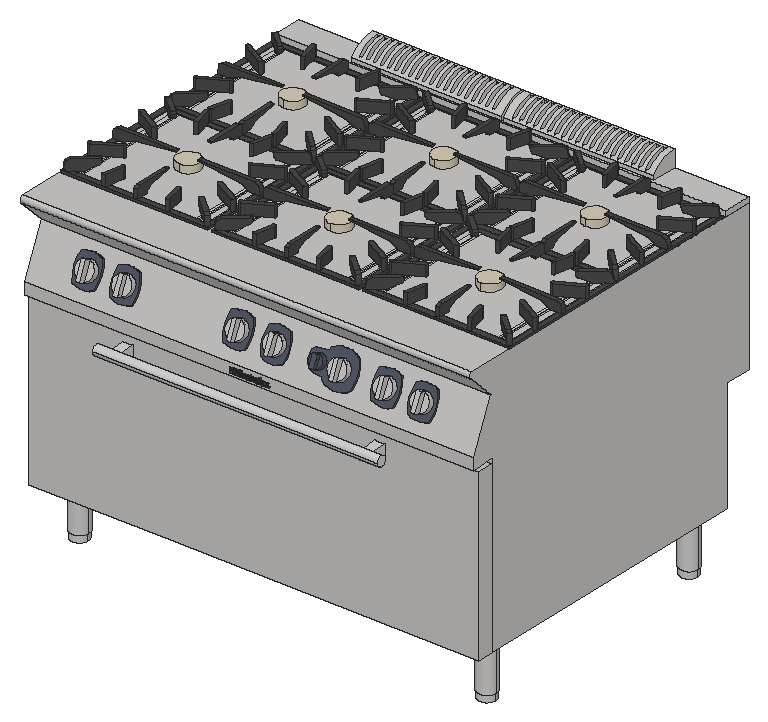
Revit family "QF_ELECTROLUXPROFESSIONAL_391016_E9GCGL6CLM", category Specialty Equipment, Revit 2018 (continued)
Automatic sketch dimensions
  Extrusion 7 sketch curve to Extrusion 7 sketch curve = 0.404 mm
  Extrusion 7 sketch curve to Extrusion 7 sketch curve = 5.898 mm
  plane 11 to Extrusion 7 sketch curve = 8.549 mm
  Extrusion 7 sketch curve to plane 11 = 30 mm
  Extrusion 7 sketch curve to plane 10 = 298.908 mm
  Extrusion 7 sketch curve to Extrusion 7 sketch curve = 3.343 mm
  Extrusion 7 sketch curve to Extrusion 7 sketch curve = 2.066 mm
  Extrusion 7 sketch curve to Extrusion 7 sketch curve = 5.312 mm
  Extrusion 7 sketch curve to Extrusion 7 sketch curve = 28.009 mm
  plane 11 to Extrusion 8 sketch curve = 22.852 mm
  Extrusion 8 sketch curve to Extrusion 8 sketch curve = 0 mm  (x2)
  Extrusion 8 sketch curve to Extrusion 8 sketch curve = 1.139 mm
  Extrusion 8 sketch curve to Extrusion 8 sketch curve = 3.102 mm
  Extrusion 8 sketch curve to Extrusion 8 sketch curve = 4.032 mm
  Extrusion 8 sketch curve to Extrusion 8 sketch curve = 0.404 mm
  Extrusion 8 sketch curve to Extrusion 8 sketch curve = 5.898 mm
  plane 11 to Extrusion 8 sketch curve = 8.549 mm
  Extrusion 8 sketch curve to plane 11 = 30 mm
  Extrusion 8 sketch curve to plane 10 = 270.899 mm
  Extrusion 8 sketch curve to Extrusion 8 sketch curve = 2.705 mm
  Extrusion 8 sketch curve to Extrusion 8 sketch curve = 5.987 mm
  Extrusion 8 sketch curve to Extrusion 8 sketch curve = 5.312 mm
  Extrusion 8 sketch curve to Extrusion 8 sketch curve = 28.009 mm
  plane 11 to Extrusion 9 sketch curve = 19.749 mm
  Extrusion 9 sketch curve to plane 10 = 279.591 mm
  Extrusion 10 sketch curve to plane 18 = 228.904 mm
  Extrusion 10 sketch curve to Extrusion 10 sketch curve = 0 mm
  Extrusion 10 sketch curve to Extrusion 10 sketch curve = 12.3 mm  (x3)
  Extrusion 10 sketch curve to Extrusion 10 sketch curve = 34.925 mm  (x2)
  Extrusion 10 sketch curve to Extrusion 10 sketch curve = 46.691 mm
  Extrusion 10 sketch curve to Extrusion 10 sketch curve = 0.617 mm
  Extrusion 10 sketch curve to Extrusion 10 sketch curve = 28.57 mm
  Extrusion 10 sketch curve to Extrusion 10 sketch curve = 29.185 mm
  Extrusion 12 sketch curve to Extrusion 12 sketch curve = 24.732 mm
  Extrusion 12 sketch curve to Extrusion 12 sketch curve = 0 mm
  Extrusion 13 sketch curve to Extrusion 13 sketch curve = 0 mm  (x2)
  plane 7 "Center Y" to Extrusion 13 sketch curve = 190.859 mm
  Extrusion 13 sketch curve to Extrusion 13 sketch curve = 112.63 mm
  Extrusion 13 sketch curve to Extrusion 13 sketch curve = 1.398 mm
  Extrusion 13 sketch curve to Extrusion 13 sketch curve = 5.918 mm
  Extrusion 13 sketch curve to Extrusion 13 sketch curve = 7.825 mm
  Extrusion 13 sketch curve to Extrusion 13 sketch curve = 12.433 mm
  Extrusion 13 sketch curve to Extrusion 13 sketch curve = 33.329 mm
  Extrusion 13 sketch curve to Extrusion 13 sketch curve = 28.808 mm
  Extrusion 13 sketch curve to Extrusion 13 sketch curve = 2.986 mm
  Extrusion 13 sketch curve to Extrusion 13 sketch curve = 35.441 mm
  Extrusion 13 sketch curve to Extrusion 13 sketch curve = 23.969 mm
  Extrusion 13 sketch curve to Extrusion 13 sketch curve = 31.993 mm
  Extrusion 13 sketch curve to Extrusion 13 sketch curve = 0.131 mm
  Extrusion 13 sketch curve to Extrusion 13 sketch curve = 36.738 mm
  Extrusion 13 sketch curve to Extrusion 13 sketch curve = 6.105 mm
  Extrusion 13 sketch curve to Extrusion 13 sketch curve = 30.968 mm
  Extrusion 13 sketch curve to Extrusion 13 sketch curve = 0.002 mm
  Extrusion 13 sketch curve to Extrusion 13 sketch curve = 38.412 mm
  Extrusion 13 sketch curve to Extrusion 13 sketch curve = 39.831 mm
  Extrusion 13 sketch curve to Extrusion 13 sketch curve = 6.427 mm
  Extrusion 13 sketch curve to Extrusion 13 sketch curve = 11.842 mm
  Extrusion 15 sketch curve to Extrusion 15 sketch curve = 24.732 mm
  Extrusion 15 sketch curve to Extrusion 15 sketch curve = 0 mm
  Extrusion 17 sketch curve to Extrusion 17 sketch curve = 0 mm
  Extrusion 17 sketch curve to Extrusion 17 sketch curve = 7.232 mm  (x3)
  Extrusion 17 sketch curve to Extrusion 17 sketch curve = 17.5 mm
  Extrusion 17 sketch curve to Extrusion 17 sketch curve = 5.786 mm
  Extrusion 18 sketch curve to plane 17 = 61.596 mm
  Extrusion 18 sketch curve to Extrusion 18 sketch curve = 0 mm
  Extrusion 18 sketch curve to Extrusion 18 sketch curve = 12.3 mm  (x3)
  Extrusion 18 sketch curve to Extrusion 18 sketch curve = 34.925 mm  (x2)
  Extrusion 18 sketch curve to plane 17 = 35.869 mm
  Extrusion 18 sketch curve to Extrusion 18 sketch curve = 46.691 mm
  Extrusion 18 sketch curve to Extrusion 18 sketch curve = 26.344 mm
  Extrusion 18 sketch curve to Extrusion 18 sketch curve = 28.57 mm
  Extrusion 20 sketch curve to Extrusion 20 sketch curve = 24.732 mm
  Extrusion 20 sketch curve to Extrusion 20 sketch curve = 0 mm
  Extrusion 21 sketch curve to plane 17 = 161.596 mm
  Extrusion 21 sketch curve to Extrusion 21 sketch curve = 0 mm
  Extrusion 21 sketch curve to Extrusion 21 sketch curve = 12.3 mm  (x3)
  Extrusion 21 sketch curve to Extrusion 21 sketch curve = 34.925 mm  (x2)
  Extrusion 21 sketch curve to Extrusion 21 sketch curve = 46.691 mm
  Extrusion 21 sketch curve to Extrusion 21 sketch curve = 0.617 mm
  Extrusion 21 sketch curve to Extrusion 21 sketch curve = 28.57 mm
  Extrusion 21 sketch curve to Extrusion 21 sketch curve = 29.185 mm
  Extrusion 23 sketch curve to Extrusion 23 sketch curve = 24.732 mm
  Extrusion 23 sketch curve to Extrusion 23 sketch curve = 0 mm
  Extrusion 24 sketch curve to plane 1 "BACK" = 0 mm
  Extrusion 24 sketch curve to plane 6 "TOP" = 0 mm
  plane 1 "BACK" to Extrusion 24 sketch curve = 1.769 mm
  plane 10 to Extrusion 24 sketch curve = 23.813 mm
  plane 1 "BACK" to Extrusion 24 sketch curve = 69.85 mm
  plane 10 to Extrusion 24 sketch curve = 14.288 mm
  Extrusion 25 sketch curve to plane 18 = 131.404 mm
  Extrusion 25 sketch curve to Extrusion 25 sketch curve = 0 mm
  Extrusion 25 sketch curve to Extrusion 25 sketch curve = 12.3 mm  (x3)
  Extrusion 25 sketch curve to Extrusion 25 sketch curve = 34.925 mm  (x2)
  Extrusion 25 sketch curve to Extrusion 25 sketch curve = 46.691 mm
  Extrusion 25 sketch curve to Extrusion 25 sketch curve = 0.617 mm
  Extrusion 25 sketch curve to Extrusion 25 sketch curve = 28.57 mm
  Extrusion 25 sketch curve to Extrusion 25 sketch curve = 29.185 mm
  Extrusion 27 sketch curve to Extrusion 27 sketch curve = 24.732 mm
  Extrusion 27 sketch curve to Extrusion 27 sketch curve = 0 mm
  Extrusion 28 sketch curve to plane 7 "Center Y" = 79.904 mm
  Extrusion 28 sketch curve to plane 7 "Center Y" = 21.528 mm
  Extrusion 28 sketch curve to Extrusion 28 sketch curve = 0 mm
  Extrusion 28 sketch curve to Extrusion 28 sketch curve = 12.3 mm  (x3)
  plane 7 "Center Y" to Extrusion 28 sketch curve = 3.586 mm
  Extrusion 28 sketch curve to Extrusion 28 sketch curve = 34.925 mm  (x2)
  Extrusion 28 sketch curve to Extrusion 28 sketch curve = 46.691 mm
  Extrusion 28 sketch curve to plane 7 "Center Y" = 22.141 mm
  Extrusion 30 sketch curve to Extrusion 30 sketch curve = 24.732 mm
  Extrusion 30 sketch curve to Extrusion 30 sketch curve = 0 mm
  plane 7 "Center Y" to Extrusion 31 sketch curve = 20.096 mm
  Extrusion 31 sketch curve to Extrusion 31 sketch curve = 0 mm
  Extrusion 31 sketch curve to Extrusion 31 sketch curve = 12.3 mm  (x3)
  Extrusion 31 sketch curve to Extrusion 31 sketch curve = 34.925 mm  (x2)
  Extrusion 31 sketch curve to plane 7 "Center Y" = 5.631 mm
  Extrusion 31 sketch curve to Extrusion 31 sketch curve = 46.691 mm
  plane 7 "Center Y" to Extrusion 31 sketch curve = 20.714 mm
  Extrusion 31 sketch curve to Extrusion 31 sketch curve = 25.114 mm
  Extrusion 33 sketch curve to Extrusion 33 sketch curve = 24.732 mm
  Extrusion 33 sketch curve to Extrusion 33 sketch curve = 0 mm
  plane 7 "Center Y" to Extrusion 34 sketch curve = 21.292 mm
  Extrusion 34 sketch curve to plane 10 = 237.967 mm
  Extrusion 34 sketch curve to plane 7 "Center Y" = 13.807 mm
  Extrusion 34 sketch curve to Extrusion 34 sketch curve = 5.041 mm
  plane 7 "Center Y" to Extrusion 34 sketch curve = 5.969 mm
  Extrusion 34 sketch curve to Extrusion 34 sketch curve = 5.06 mm
  Extrusion 34 sketch curve to Extrusion 34 sketch curve = 0 mm  (x27)
  Extrusion 34 sketch curve to Extrusion 34 sketch curve = 5.108 mm  (x2)
  Extrusion 34 sketch curve to Extrusion 34 sketch curve = 0.054 mm
  Extrusion 34 sketch curve to Extrusion 34 sketch curve = 0.218 mm
  Extrusion 34 sketch curve to Extrusion 34 sketch curve = 0.195 mm
  Extrusion 34 sketch curve to Extrusion 34 sketch curve = 0.249 mm
  Extrusion 34 sketch curve to Extrusion 34 sketch curve = 0.316 mm
  Extrusion 34 sketch curve to Extrusion 34 sketch curve = 0.087 mm
  Extrusion 34 sketch curve to Extrusion 34 sketch curve = 0.358 mm
  Extrusion 34 sketch curve to Extrusion 34 sketch curve = 0.481 mm
  Extrusion 34 sketch curve to Extrusion 34 sketch curve = 0.597 mm
  Extrusion 34 sketch curve to Extrusion 34 sketch curve = 0.544 mm
  Extrusion 34 sketch curve to Extrusion 34 sketch curve = 0.936 mm
  Extrusion 34 sketch curve to Extrusion 34 sketch curve = 0.594 mm
  Extrusion 34 sketch curve to Extrusion 34 sketch curve = 0.343 mm
  Extrusion 34 sketch curve to Extrusion 34 sketch curve = 0.159 mm
  Extrusion 34 sketch curve to Extrusion 34 sketch curve = 0.826 mm
  Extrusion 34 sketch curve to Extrusion 34 sketch curve = 0.839 mm
  Extrusion 34 sketch curve to Extrusion 34 sketch curve = 0.852 mm
  Extrusion 34 sketch curve to Extrusion 34 sketch curve = 0.887 mm
  Extrusion 34 sketch curve to Extrusion 34 sketch curve = 0.928 mm
  Extrusion 34 sketch curve to Extrusion 34 sketch curve = 0.938 mm
  Extrusion 34 sketch curve to Extrusion 34 sketch curve = 0.444 mm
  Extrusion 34 sketch curve to Extrusion 34 sketch curve = 1.11 mm  (x3)
  plane 7 "Center Y" to Extrusion 34 sketch curve = 43.726 mm
  Extrusion 34 sketch curve to Extrusion 34 sketch curve = 0.215 mm
  plane 7 "Center Y" to Extrusion 34 sketch curve = 0.332 mm
  Extrusion 34 sketch curve to Extrusion 34 sketch curve = 1.43 mm
  Extrusion 34 sketch curve to Extrusion 34 sketch curve = 1.188 mm
  Extrusion 34 sketch curve to Extrusion 34 sketch curve = 1.21 mm  (x2)
  Extrusion 34 sketch curve to Extrusion 34 sketch curve = 0.503 mm
  plane 7 "Center Y" to Extrusion 34 sketch curve = 48.995 mm
  Extrusion 34 sketch curve to Extrusion 34 sketch curve = 0.488 mm
  plane 7 "Center Y" to Extrusion 34 sketch curve = 52.922 mm
  Extrusion 34 sketch curve to Extrusion 34 sketch curve = 0.462 mm
  Extrusion 34 sketch curve to Extrusion 34 sketch curve = 1.386 mm
  Extrusion 34 sketch curve to Extrusion 34 sketch curve = 1.742 mm
  Extrusion 34 sketch curve to Extrusion 34 sketch curve = 0.821 mm
  Extrusion 34 sketch curve to Extrusion 34 sketch curve = 0.497 mm
  Extrusion 34 sketch curve to Extrusion 34 sketch curve = 0.539 mm
  Extrusion 34 sketch curve to Extrusion 34 sketch curve = 0.686 mm
  Extrusion 34 sketch curve to plane 7 "Center Y" = 0.042 mm
  Extrusion 34 sketch curve to Extrusion 34 sketch curve = 0.408 mm
  Extrusion 34 sketch curve to Extrusion 34 sketch curve = 0.743 mm
  Extrusion 34 sketch curve to Extrusion 34 sketch curve = 1.16 mm
  Extrusion 34 sketch curve to Extrusion 34 sketch curve = 0.329 mm
  Extrusion 34 sketch curve to Extrusion 34 sketch curve = 1.054 mm
  Extrusion 34 sketch curve to Extrusion 34 sketch curve = 1.056 mm
  Extrusion 34 sketch curve to Extrusion 34 sketch curve = 0.129 mm
  Extrusion 34 sketch curve to Extrusion 34 sketch curve = 0.489 mm
  Extrusion 34 sketch curve to plane 7 "Center Y" = 0.376 mm
  Extrusion 34 sketch curve to Extrusion 34 sketch curve = 0.441 mm
  Extrusion 34 sketch curve to Extrusion 34 sketch curve = 1.151 mm
  Extrusion 34 sketch curve to Extrusion 34 sketch curve = 1.141 mm  (x2)
  Extrusion 34 sketch curve to Extrusion 34 sketch curve = 0.768 mm
  Extrusion 34 sketch curve to Extrusion 34 sketch curve = 1.653 mm
  Extrusion 34 sketch curve to Extrusion 34 sketch curve = 0.499 mm
  Extrusion 34 sketch curve to Extrusion 34 sketch curve = 0.964 mm
  Extrusion 34 sketch curve to Extrusion 34 sketch curve = 0.949 mm
  Extrusion 34 sketch curve to Extrusion 34 sketch curve = 1.345 mm  (x3)
  Extrusion 34 sketch curve to Extrusion 34 sketch curve = 1.101 mm
  Extrusion 34 sketch curve to Extrusion 34 sketch curve = 0.432 mm
  Extrusion 34 sketch curve to Extrusion 34 sketch curve = 1.142 mm
  Extrusion 34 sketch curve to Extrusion 34 sketch curve = 0.959 mm
  Extrusion 34 sketch curve to Extrusion 34 sketch curve = 0.176 mm
  Extrusion 34 sketch curve to Extrusion 34 sketch curve = 0.728 mm
  Extrusion 34 sketch curve to Extrusion 34 sketch curve = 3.375 mm  (x2)
  Extrusion 34 sketch curve to Extrusion 34 sketch curve = 0.541 mm
  Extrusion 34 sketch curve to Extrusion 34 sketch curve = 0.955 mm
  Extrusion 34 sketch curve to Extrusion 34 sketch curve = 1.251 mm
  Extrusion 34 sketch curve to Extrusion 34 sketch curve = 0.572 mm
  plane 7 "Center Y" to Extrusion 34 sketch curve = 47.619 mm
  Extrusion 34 sketch curve to Extrusion 34 sketch curve = 1.92 mm
  Extrusion 34 sketch curve to Extrusion 34 sketch curve = 1.224 mm
  Extrusion 34 sketch curve to Extrusion 34 sketch curve = 0.745 mm
  Extrusion 34 sketch curve to Extrusion 34 sketch curve = 0.036 mm
  Extrusion 34 sketch curve to Extrusion 34 sketch curve = 0.896 mm  (x3)
  Extrusion 34 sketch curve to Extrusion 34 sketch curve = 2.607 mm
  Extrusion 34 sketch curve to Extrusion 34 sketch curve = 0.066 mm
  Extrusion 34 sketch curve to Extrusion 34 sketch curve = 0.248 mm
  Extrusion 34 sketch curve to Extrusion 34 sketch curve = 0.449 mm
  plane 7 "Center Y" to Extrusion 34 sketch curve = 46.838 mm
  Extrusion 34 sketch curve to Extrusion 34 sketch curve = 1.052 mm
  Extrusion 34 sketch curve to Extrusion 34 sketch curve = 1.863 mm
  Extrusion 34 sketch curve to Extrusion 34 sketch curve = 1.31 mm  (x2)
  Extrusion 34 sketch curve to Extrusion 34 sketch curve = 0.901 mm
  Extrusion 34 sketch curve to Extrusion 34 sketch curve = 1.107 mm
  Extrusion 34 sketch curve to Extrusion 34 sketch curve = 2.122 mm
  Extrusion 34 sketch curve to Extrusion 34 sketch curve = 2.101 mm
  Extrusion 34 sketch curve to Extrusion 34 sketch curve = 0.106 mm
  Extrusion 34 sketch curve to Extrusion 34 sketch curve = 0.029 mm
  plane 7 "Center Y" to Extrusion 34 sketch curve = 49.641 mm
  Extrusion 34 sketch curve to Extrusion 34 sketch curve = 2.09 mm
  Extrusion 34 sketch curve to Extrusion 34 sketch curve = 1.279 mm
  Extrusion 34 sketch curve to Extrusion 34 sketch curve = 2.008 mm
  Extrusion 34 sketch curve to Extrusion 34 sketch curve = 0.738 mm
  Extrusion 34 sketch curve to Extrusion 34 sketch curve = 0.382 mm
  Extrusion 34 sketch curve to Extrusion 34 sketch curve = 0.384 mm
  Extrusion 34 sketch curve to Extrusion 34 sketch curve = 0.002 mm
  Extrusion 34 sketch curve to Extrusion 34 sketch curve = 0.561 mm
  Extrusion 34 sketch curve to Extrusion 34 sketch curve = 0.592 mm
  Extrusion 34 sketch curve to Extrusion 34 sketch curve = 2.692 mm
  Extrusion 34 sketch curve to Extrusion 34 sketch curve = 1.259 mm
  plane 7 "Center Y" to Extrusion 34 sketch curve = 48.858 mm
  Extrusion 34 sketch curve to Extrusion 34 sketch curve = 0.802 mm
  Extrusion 34 sketch curve to Extrusion 34 sketch curve = 1.024 mm
  Extrusion 34 sketch curve to Extrusion 34 sketch curve = 0.682 mm
  Extrusion 34 sketch curve to Extrusion 34 sketch curve = 5.934 mm
  Extrusion 34 sketch curve to Extrusion 34 sketch curve = 2.186 mm
  Extrusion 34 sketch curve to Extrusion 34 sketch curve = 0.337 mm
  Extrusion 34 sketch curve to Extrusion 34 sketch curve = 0.021 mm
  Extrusion 34 sketch curve to Extrusion 34 sketch curve = 1.005 mm
  Extrusion 34 sketch curve to Extrusion 34 sketch curve = 0.552 mm
  Extrusion 34 sketch curve to Extrusion 34 sketch curve = 0.778 mm
  Extrusion 34 sketch curve to Extrusion 34 sketch curve = 0.063 mm
  Extrusion 34 sketch curve to Extrusion 34 sketch curve = 1.023 mm
  Extrusion 34 sketch curve to Extrusion 34 sketch curve = 3.804 mm
  Extrusion 34 sketch curve to Extrusion 34 sketch curve = 0.486 mm
  Extrusion 34 sketch curve to Extrusion 34 sketch curve = 0.266 mm
  Extrusion 34 sketch curve to plane 7 "Center Y" = 0.787 mm
  Extrusion 34 sketch curve to Extrusion 34 sketch curve = 1.547 mm
  Extrusion 34 sketch curve to Extrusion 34 sketch curve = 0.717 mm  (x2)
  Extrusion 34 sketch curve to Extrusion 34 sketch curve = 1.667 mm
  plane 7 "Center Y" to Extrusion 34 sketch curve = 44.532 mm
  Extrusion 34 sketch curve to Extrusion 34 sketch curve = 3.174 mm
  plane 7 "Center Y" to Extrusion 34 sketch curve = 0.368 mm
  Extrusion 34 sketch curve to Extrusion 34 sketch curve = 0.388 mm
  Extrusion 34 sketch curve to Extrusion 34 sketch curve = 1.342 mm
  plane 7 "Center Y" to Extrusion 34 sketch curve = 50.135 mm
  Extrusion 34 sketch curve to Extrusion 34 sketch curve = 1.521 mm
  plane 7 "Center Y" to Extrusion 34 sketch curve = 51.694 mm
  Extrusion 34 sketch curve to Extrusion 34 sketch curve = 0.124 mm
  Extrusion 34 sketch curve to Extrusion 34 sketch curve = 0.291 mm
  plane 7 "Center Y" to Extrusion 34 sketch curve = 7.285 mm
  Extrusion 34 sketch curve to Extrusion 34 sketch curve = 1.049 mm  (x2)
  plane 7 "Center Y" to Extrusion 34 sketch curve = 47.668 mm
  Extrusion 34 sketch curve to Extrusion 34 sketch curve = 1.7 mm
  Extrusion 34 sketch curve to Extrusion 34 sketch curve = 0.894 mm
  Extrusion 34 sketch curve to Extrusion 34 sketch curve = 0.989 mm
  Extrusion 34 sketch curve to Extrusion 34 sketch curve = 1.168 mm
  Extrusion 34 sketch curve to Extrusion 34 sketch curve = 1.594 mm
  Extrusion 34 sketch curve to Extrusion 34 sketch curve = 0.731 mm
  Extrusion 34 sketch curve to Extrusion 34 sketch curve = 1.566 mm
  Extrusion 34 sketch curve to Extrusion 34 sketch curve = 0.064 mm
  plane 7 "Center Y" to Extrusion 34 sketch curve = 7.842 mm
  Extrusion 34 sketch curve to Extrusion 34 sketch curve = 0.556 mm
  Extrusion 34 sketch curve to Extrusion 34 sketch curve = 0.48 mm
  Extrusion 34 sketch curve to Extrusion 34 sketch curve = 0.228 mm
  Extrusion 34 sketch curve to Extrusion 34 sketch curve = 1.018 mm
  plane 7 "Center Y" to Extrusion 34 sketch curve = 37.429 mm
  Extrusion 34 sketch curve to Extrusion 34 sketch curve = 0.787 mm
  Extrusion 34 sketch curve to Extrusion 34 sketch curve = 0.618 mm
  plane 7 "Center Y" to Extrusion 34 sketch curve = 42.486 mm
  Extrusion 34 sketch curve to Extrusion 34 sketch curve = 1.672 mm
  plane 7 "Center Y" to Extrusion 34 sketch curve = 53.436 mm
  Extrusion 34 sketch curve to Extrusion 34 sketch curve = 1.361 mm
  Extrusion 34 sketch curve to Extrusion 34 sketch curve = 0.822 mm
  Extrusion 34 sketch curve to Extrusion 34 sketch curve = 0.069 mm
  Extrusion 34 sketch curve to Extrusion 34 sketch curve = 1.88 mm
  plane 7 "Center Y" to Extrusion 34 sketch curve = 35.269 mm
  Extrusion 34 sketch curve to Extrusion 34 sketch curve = 0.42 mm
  Extrusion 34 sketch curve to Extrusion 34 sketch curve = 0.062 mm
  Extrusion 34 sketch curve to Extrusion 34 sketch curve = 1.355 mm
  Extrusion 34 sketch curve to Extrusion 34 sketch curve = 2.34 mm
  Extrusion 34 sketch curve to Extrusion 34 sketch curve = 0.493 mm
  Extrusion 34 sketch curve to Extrusion 34 sketch curve = 0.136 mm
  Extrusion 34 sketch curve to Extrusion 34 sketch curve = 0.128 mm
  Extrusion 34 sketch curve to Extrusion 34 sketch curve = 3.616 mm
  Extrusion 34 sketch curve to Extrusion 34 sketch curve = 4.207 mm
  Extrusion 34 sketch curve to Extrusion 34 sketch curve = 0.183 mm
  Extrusion 34 sketch curve to Extrusion 34 sketch curve = 0.895 mm
  Extrusion 34 sketch curve to Extrusion 34 sketch curve = 1.314 mm
  Extrusion 34 sketch curve to Extrusion 34 sketch curve = 3.231 mm
  Extrusion 34 sketch curve to plane 7 "Center Y" = 23.526 mm
  Extrusion 34 sketch curve to Extrusion 34 sketch curve = 1.299 mm
  Extrusion 34 sketch curve to Extrusion 34 sketch curve = 1.214 mm
  plane 7 "Center Y" to Extrusion 34 sketch curve = 26.369 mm
  Extrusion 34 sketch curve to Extrusion 34 sketch curve = 1.264 mm
  Extrusion 34 sketch curve to Extrusion 34 sketch curve = 0.109 mm
  Extrusion 34 sketch curve to Extrusion 34 sketch curve = 0.357 mm
  Extrusion 34 sketch curve to Extrusion 34 sketch curve = 0.565 mm
  Extrusion 34 sketch curve to Extrusion 34 sketch curve = 2.504 mm
  Extrusion 34 sketch curve to Extrusion 34 sketch curve = 2.459 mm
  Extrusion 34 sketch curve to Extrusion 34 sketch curve = 0.983 mm
  Extrusion 34 sketch curve to Extrusion 34 sketch curve = 0.422 mm  (x2)
  Extrusion 34 sketch curve to Extrusion 34 sketch curve = 1.268 mm
  Extrusion 34 sketch curve to Extrusion 34 sketch curve = 0.671 mm
  Extrusion 34 sketch curve to Extrusion 34 sketch curve = 1.634 mm
  Extrusion 34 sketch curve to Extrusion 34 sketch curve = 0.132 mm
  Extrusion 34 sketch curve to Extrusion 34 sketch curve = 0.586 mm
  Extrusion 34 sketch curve to Extrusion 34 sketch curve = 1.241 mm
  Extrusion 34 sketch curve to Extrusion 34 sketch curve = 1.689 mm
  Extrusion 34 sketch curve to Extrusion 34 sketch curve = 0.627 mm
  Extrusion 34 sketch curve to Extrusion 34 sketch curve = 0.419 mm
  Extrusion 34 sketch curve to Extrusion 34 sketch curve = 1.514 mm
  Extrusion 34 sketch curve to Extrusion 34 sketch curve = 1.019 mm
  Extrusion 34 sketch curve to Extrusion 34 sketch curve = 0.065 mm
  Extrusion 34 sketch curve to Extrusion 34 sketch curve = 1.215 mm
  Extrusion 34 sketch curve to Extrusion 34 sketch curve = 1.122 mm
  Extrusion 34 sketch curve to Extrusion 34 sketch curve = 1.153 mm
  Extrusion 34 sketch curve to Extrusion 34 sketch curve = 1.223 mm
  Extrusion 34 sketch curve to Extrusion 34 sketch curve = 0.934 mm
  Extrusion 34 sketch curve to Extrusion 34 sketch curve = 3.376 mm
  Extrusion 34 sketch curve to Extrusion 34 sketch curve = 0.222 mm
  Extrusion 34 sketch curve to Extrusion 34 sketch curve = 1.383 mm
  Extrusion 34 sketch curve to Extrusion 34 sketch curve = 1.556 mm
  Extrusion 34 sketch curve to Extrusion 34 sketch curve = 2.559 mm
  Extrusion 34 sketch curve to Extrusion 34 sketch curve = 2.51 mm
  Extrusion 34 sketch curve to Extrusion 34 sketch curve = 0.131 mm
  Extrusion 34 sketch curve to Extrusion 34 sketch curve = 1.134 mm
  Extrusion 34 sketch curve to Extrusion 34 sketch curve = 0.094 mm
  Extrusion 34 sketch curve to Extrusion 34 sketch curve = 1.584 mm
  Extrusion 34 sketch curve to Extrusion 34 sketch curve = 0.27 mm
  Extrusion 34 sketch curve to Extrusion 34 sketch curve = 0.916 mm
  Extrusion 34 sketch curve to Extrusion 34 sketch curve = 0.352 mm
  Extrusion 34 sketch curve to Extrusion 34 sketch curve = 0.458 mm
  Extrusion 34 sketch curve to Extrusion 34 sketch curve = 1.282 mm
  Extrusion 34 sketch curve to Extrusion 34 sketch curve = 1.363 mm
  Extrusion 34 sketch curve to Extrusion 34 sketch curve = 0.685 mm
  Extrusion 34 sketch curve to Extrusion 34 sketch curve = 0.905 mm
  Extrusion 34 sketch curve to Extrusion 34 sketch curve = 1.477 mm
  Extrusion 34 sketch curve to Extrusion 34 sketch curve = 0.472 mm
  Extrusion 34 sketch curve to Extrusion 34 sketch curve = 0.101 mm
  Extrusion 34 sketch curve to Extrusion 34 sketch curve = 0.54 mm
  Extrusion 34 sketch curve to Extrusion 34 sketch curve = 0.02 mm
  Extrusion 34 sketch curve to Extrusion 34 sketch curve = 0.829 mm
  Extrusion 34 sketch curve to Extrusion 34 sketch curve = 0.582 mm
  Extrusion 34 sketch curve to Extrusion 34 sketch curve = 0.166 mm
  Extrusion 34 sketch curve to Extrusion 34 sketch curve = 0.16 mm
  Extrusion 34 sketch curve to Extrusion 34 sketch curve = 1.118 mm
  Extrusion 34 sketch curve to Extrusion 34 sketch curve = 0.613 mm
  Extrusion 34 sketch curve to Extrusion 34 sketch curve = 0.781 mm
  Extrusion 34 sketch curve to Extrusion 34 sketch curve = 0.361 mm
  Extrusion 34 sketch curve to Extrusion 34 sketch curve = 0.897 mm
  Extrusion 34 sketch curve to Extrusion 34 sketch curve = 0.167 mm
  Extrusion 34 sketch curve to Extrusion 34 sketch curve = 0.292 mm
  Extrusion 34 sketch curve to Extrusion 34 sketch curve = 0.305 mm
  Extrusion 34 sketch curve to Extrusion 34 sketch curve = 1.557 mm
  Extrusion 34 sketch curve to Extrusion 34 sketch curve = 2.499 mm
  Extrusion 34 sketch curve to Extrusion 34 sketch curve = 3.062 mm
  Extrusion 34 sketch curve to Extrusion 34 sketch curve = 2.968 mm
  Extrusion 34 sketch curve to Extrusion 34 sketch curve = 5.044 mm
  Extrusion 34 sketch curve to Extrusion 34 sketch curve = 0.629 mm  (x2)
  Extrusion 34 sketch curve to Extrusion 34 sketch curve = 1.131 mm
  Extrusion 34 sketch curve to Extrusion 34 sketch curve = 0.137 mm
  Extrusion 34 sketch curve to Extrusion 34 sketch curve = 0.027 mm
  Extrusion 34 sketch curve to Extrusion 34 sketch curve = 2.046 mm
  Extrusion 34 sketch curve to Extrusion 34 sketch curve = 2.235 mm
  Revolve 35 sketch curve to plane 9 "Base" = 0 mm  (x2)
  Revolve 35 sketch curve to level = 0 mm
  Revolve 35 sketch curve to plane 18 = 0 mm  (x2)
  Revolve 35 sketch curve to Revolve 35 sketch curve = 22.9 mm
  Revolve 35 sketch curve to Revolve 35 sketch curve = 2.5 mm
  plane 9 "Base" to Revolve 35 sketch curve = 20 mm
  level to Revolve 35 sketch curve = 19.05 mm
  Revolve 36 sketch curve to plane 9 "Base" = 0 mm  (x2)
  Revolve 36 sketch curve to level = 0 mm
  Revolve 36 sketch curve to plane 18 = 0 mm  (x2)
  Revolve 36 sketch curve to Revolve 36 sketch curve = 22.9 mm
  Revolve 36 sketch curve to Revolve 36 sketch curve = 2.5 mm
  plane 9 "Base" to Revolve 36 sketch curve = 20 mm
  level to Revolve 36 sketch curve = 19.05 mm
  Extrusion 37 sketch curve to Extrusion 1 = 43 mm
  Extrusion 37 sketch curve to Extrusion 1 = 276.222 mm
  plane 1 "BACK" to Extrusion 38 sketch curve = 63.911 mm  (x2)
  Extrusion 38 sketch curve to plane 18 = 156.447 mm
  Extrusion 38 sketch curve to Extrusion 38 sketch curve = 9.296 mm  (x20)
  Extrusion 38 sketch curve to Extrusion 38 sketch curve = 9.397 mm  (x19)
  Extrusion 38 sketch curve to Extrusion 38 sketch curve = 0 mm  (x18)
  plane 1 "BACK" to Extrusion 38 sketch curve = 6.761 mm  (x20)
  Revolve 39 sketch curve to plane 9 "Base" = 0 mm  (x2)
  Revolve 39 sketch curve to level = 0 mm
  plane 17 to Revolve 39 sketch curve = 0 mm  (x2)
  plane 17 to Revolve 39 sketch curve = 22.9 mm
  Revolve 39 sketch curve to Revolve 39 sketch curve = 2.5 mm
  level to Revolve 39 sketch curve = 19.05 mm
  plane 9 "Base" to Revolve 39 sketch curve = 20 mm
  Revolve 40 sketch curve to plane 9 "Base" = 0 mm  (x2)
  Revolve 40 sketch curve to level = 0 mm
  plane 17 to Revolve 40 sketch curve = 0 mm  (x2)
  plane 17 to Revolve 40 sketch curve = 22.9 mm
  Revolve 40 sketch curve to Revolve 40 sketch curve = 2.5 mm
  level to Revolve 40 sketch curve = 19.05 mm
  plane 9 "Base" to Revolve 40 sketch curve = 20 mm
  Extrusion 41 sketch curve to plane 1 "BACK" = 0 mm
  Extrusion 41 sketch curve to plane 6 "TOP" = 0 mm
  plane 1 "BACK" to Extrusion 41 sketch curve = 1.769 mm
  plane 10 to Extrusion 41 sketch curve = 23.813 mm
  plane 1 "BACK" to Extrusion 41 sketch curve = 69.85 mm
  plane 10 to Extrusion 41 sketch curve = 14.288 mm
  plane 1 "BACK" to Extrusion 42 sketch curve = 63.911 mm  (x2)
  Extrusion 42 sketch curve to plane 17 = 156.447 mm
  Extrusion 42 sketch curve to Extrusion 42 sketch curve = 9.296 mm  (x20)
  Extrusion 42 sketch curve to Extrusion 42 sketch curve = 9.397 mm  (x19)
  Extrusion 42 sketch curve to Extrusion 42 sketch curve = 0 mm  (x18)
  plane 1 "BACK" to Extrusion 42 sketch curve = 6.761 mm  (x20)
  radius of Extrusion 4 sketch curve = 6.4 mm
  radius of Extrusion 9 sketch curve = 12.7 mm
  radius of Extrusion 11 sketch curve = 25.4 mm
  radius of Extrusion 12 sketch curve to Extrusion 11 = 0 mm  (x2)
  radius of Extrusion 14 sketch curve = 25.4 mm
  radius of Extrusion 15 sketch curve to Extrusion 14 = 0 mm  (x2)
  radius of Extrusion 16 sketch curve = 18.37 mm
  radius of Extrusion 19 sketch curve = 25.4 mm
  radius of Extrusion 20 sketch curve to Extrusion 19 = 0 mm  (x2)
  radius of Extrusion 22 sketch curve = 25.4 mm
  radius of Extrusion 23 sketch curve to Extrusion 22 = 0 mm  (x2)
  radius of Extrusion 26 sketch curve = 25.4 mm
  radius of Extrusion 27 sketch curve to Extrusion 26 = 0 mm  (x2)
  radius of Extrusion 29 sketch curve = 25.4 mm
  radius of Extrusion 30 sketch curve to Extrusion 29 = 0 mm  (x2)
  radius of Extrusion 32 sketch curve = 25.4 mm
  radius of Extrusion 33 sketch curve to Extrusion 32 = 0 mm  (x2)
  radius of Extrusion 37 sketch curve = 12.7 mm
Nested families
  nested 1: "371009_BURNER" at (0, -440.6, 0), type "371009_BURNER"
    with Type Mark "", Status "", Specification by User "", Revision Code "", Item Number "", Installed By "", Identify Quantity as Lot yes, Furnished By "", Foodservice Equipment Identifier yes
  nested 2: "371009_BURNER" at (403.15, -440.6, 0), type "371009_BURNER"
    with Type Mark "", Status "", Specification by User "", Revision Code "", Item Number "", Installed By "", Identify Quantity as Lot yes, Furnished By "", Foodservice Equipment Identifier yes
  nested 3: "371009_BURNER" at (1200, -440.6, 0) x (-1, 0, 0) z (0, 0, 1), type "371009_BURNER"
    with Type Mark "", Status "", Specification by User "", Revision Code "", Item Number "", Installed By "", Identify Quantity as Lot yes, Furnished By "", Foodservice Equipment Identifier yes
  nested 4: "371009_BURNER" at (0, -440.6, 0), type "371009_BURNER"
    with Type Mark "", Status "", Specification by User "", Revision Code "", Item Number "", Installed By "", Identify Quantity as Lot yes, Furnished By "", Foodservice Equipment Identifier yes
  nested 5: "371009_BURNER" at (403.15, -440.6, 0), type "371009_BURNER"
    with Type Mark "", Status "", Specification by User "", Revision Code "", Item Number "", Installed By "", Identify Quantity as Lot yes, Furnished By "", Foodservice Equipment Identifier yes
  nested 6: "371009_BURNER" at (1200, -440.6, 0) x (-1, 0, 0) z (0, 0, 1), type "371009_BURNER"
    with Type Mark "", Status "", Specification by User "", Revision Code "", Item Number "", Installed By "", Identify Quantity as Lot yes, Furnished By "", Foodservice Equipment Identifier yes
Connectors
  piping at (1148, -666, 129), diameter 12.8
    settings: on Extrusion 4, index 1, connector inside diameter 0.50394", connector length 0 mm, flow factor 0, pipe flow 0 GPM, pressure drop 0.00 psi, fitting loss kfactor 0, connector angle 0.00°, fixture units 0, engagement length 0 mm, angle of deflection 0.00°, flow configuration 1, flow direction 1, fitting loss method 0, system type 7, joint type 0, gender type 0, connector reference index -1, connector utility 0, adjustable connector no, is connector primary yes, connector description "GAS CONNECTION"
Definition of nested family "371009_BURNER"
  Parameters
    Weight in Pounds = 0
    URL Cutsheet = ""
    URL = "www.electrolux.com"
    Type Mark [instance] = ""
    Status [instance] = ""
    Specification by User [instance] = ""
    Specification by Manufacturer = ""
    Show Clearance [instance] = yes
    Serial Number = ""
    Seismic Rating = ""
    SMACNA No = ""
    Revision Code [instance] = ""
    Omniclass Number and Title = ""
    NAFEM Spec ID Number = ""
    Model = "371009"
    Masterspec = ""
    Manufacturer = "ELECTROLUX"
    Item Number [instance] = ""
    Installed By [instance] = ""
    Identify Quantity as Lot [instance] = yes
    Furnished By [instance] = ""
    Foodservice Equipment Identifier [instance] = yes
    Description = ""
    CSI MasterFormat = ""
    CSI Master Format = ""
  Reference planes
    plane 1 "BACK": y = 0
    plane 2: z = 0
    plane 3 "LEFT": x = 0
    plane 4 "RIGHT": x = 393.7
    plane 5 "FRONT": y = -355.6
    plane 6 "TOP": z = 908.85
    plane 7 "Center Y": x = 196.85
    plane 8 "Center X": y = -177.8
    plane 9 "Base": z = 150
    plane 10: z = 850.85
  Forms (mm)
    Extrusion 1, solid
      sketch origin (-6.433, -404.961, 5) x (1, 0, 0) y (0, 0, -1)
        loop
          arc (7.142, -850.85) -> (6.739, -862.989) -> (9.761, -874.752) r 42.809
          line (9.761, -874.752) -> (19.961, -879.425) -> (173.122, -879.425)
          arc (173.122, -879.425) -> (174.316, -878.312) -> (173.289, -877.043) r 1.197
          line (173.289, -877.043) -> (64.848, -864.021)
          arc (64.848, -864.021) -> (50.111, -858.738) -> (36.589, -850.85) r 85.245
          line (36.589, -850.85) -> (7.142, -850.85)
        loop
          line (399.424, -850.85) -> (369.977, -850.85)
          arc (369.977, -850.85) -> (356.455, -858.738) -> (341.718, -864.021) r 85.245
          line (341.718, -864.021) -> (233.277, -877.043)
          arc (233.277, -877.043) -> (232.25, -878.312) -> (233.444, -879.425) r 1.197
          line (233.444, -879.425) -> (386.605, -879.425) -> (396.806, -874.752)
          arc (396.806, -874.752) -> (399.827, -862.989) -> (399.424, -850.85) r 42.809
      from 224.564 to 234.564
    Extrusion 2, solid
      sketch origin (196.85, 175.397, 1219.2) x (0, 1, 0) y (0, 0, 1)
        loop
          line (-204.463, -363.35) -> (-175.397, -363.35) -> (-175.397, -339.506)
          arc (-175.397, -339.506) -> (-181.025, -338.266) -> (-185.611, -334.775) r 13.39
          line (-185.611, -334.775) -> (-278.903, -334.775)
          arc (-278.903, -334.775) -> (-280.097, -335.888) -> (-279.07, -337.157) r 1.197
          line (-279.07, -337.157) -> (-227.151, -347.464)
          arc (-227.151, -347.464) -> (-213.741, -352.457) -> (-204.463, -363.35) r 28.426
        loop
          arc (-496.332, -363.35) -> (-487.053, -352.457) -> (-473.644, -347.464) r 28.426
          line (-473.644, -347.464) -> (-421.725, -337.157)
          arc (-421.725, -337.157) -> (-420.697, -335.888) -> (-421.891, -334.775) r 1.197
          line (-421.891, -334.775) -> (-515.184, -334.775)
          arc (-515.184, -334.775) -> (-519.769, -338.266) -> (-525.397, -339.506) r 13.39
          line (-525.397, -339.506) -> (-525.397, -363.35) -> (-496.332, -363.35)
      from -5 to 5
    Extrusion 3, solid
      sketch origin (-6.433, 367.064, 850.85) x (0, -1, 0) y (1, 0, 0)
        loop
          line (722.664, 6.433) -> (722.664, 400.133) -> (367.064, 400.133) -> (367.064, 6.433) -> (722.664, 6.433)
        loop
          line (382.064, 21.433) -> (707.664, 21.433) -> (707.664, 385.133) -> (382.064, 385.133) -> (382.064, 21.433)
      from 0 to 5
    Extrusion 4, solid
      sketch origin (-18.933, 367.064, 855.85) x (0, -1, 0) y (1, 0, 0)
        loop
          circle (541.667, 215.783) r 30
      from -1.321 to 17.134
    Extrusion 5, solid
      sketch origin (-6.433, -367.064, 0) x (1, 0, 0) y (0, 0, -1)
        loop
          line (21.433, -855.85) -> (36.589, -855.85)
          arc (36.589, -855.85) -> (40.561, -855.243) -> (44.305, -853.783) r 18.259
          arc (44.305, -853.783) -> (45.997, -853.366) -> (47.69, -853.783) r 3.649
          arc (47.69, -853.783) -> (49.901, -854.522) -> (52.232, -854.529) r 7.328
          line (52.232, -854.529) -> (354.334, -854.529)
          arc (354.334, -854.529) -> (356.666, -854.522) -> (358.877, -853.783) r 7.328
          arc (358.877, -853.783) -> (360.569, -853.366) -> (362.261, -853.783) r 3.649
          arc (362.261, -853.783) -> (366.005, -855.243) -> (369.977, -855.85) r 18.259
          line (369.977, -855.85) -> (385.133, -855.85) -> (385.133, -850.85) -> (21.433, -850.85) -> (21.433, -855.85)
      from 26.464 to 352.064
    Extrusion 6, solid
      sketch origin (83.284, -458.334, 5) x (0.742103, 0.670286, 0) y (0, 0, -1)
        loop
          arc (88.629, -864.012) -> (73.909, -858.731) -> (60.402, -850.85) r 85.245
          line (60.402, -850.85) -> (14.993, -850.85)
          arc (14.993, -850.85) -> (14.642, -862.948) -> (17.686, -874.663) r 42.876
          line (17.686, -874.663) -> (27.899, -879.425) -> (89.664, -879.425)
          arc (89.664, -879.425) -> (92.39, -878.352) -> (93.654, -875.709) r 4
          arc (93.654, -875.709) -> (92.562, -869.25) -> (88.629, -864.012) r 13.87
        loop
          arc (457.638, -864.012) -> (453.704, -869.25) -> (452.613, -875.709) r 13.87
          arc (452.613, -875.709) -> (453.876, -878.352) -> (456.603, -879.425) r 4
          line (456.603, -879.425) -> (518.367, -879.425) -> (528.581, -874.663)
          arc (528.581, -874.663) -> (531.624, -862.948) -> (531.273, -850.85) r 42.876
          line (531.273, -850.85) -> (485.865, -850.85)
          arc (485.865, -850.85) -> (472.357, -858.731) -> (457.638, -864.012) r 85.245
      from 127.064 to 137.064
    Extrusion 7, solid
      sketch origin (310.416, -458.334, 5) x (-0.742103, 0.670286, 0) y (0, 0, 1)
        loop
          arc (88.629, 864.012) -> (92.562, 869.25) -> (93.654, 875.709) r 13.87
          arc (93.654, 875.709) -> (92.39, 878.352) -> (89.664, 879.425) r 4
          line (89.664, 879.425) -> (27.899, 879.425) -> (17.686, 874.663)
          arc (17.686, 874.663) -> (14.642, 862.948) -> (14.993, 850.85) r 42.876
          line (14.993, 850.85) -> (60.402, 850.85)
          arc (60.402, 850.85) -> (73.909, 858.731) -> (88.629, 864.012) r 85.245
        loop
          arc (457.638, 864.012) -> (472.357, 858.731) -> (485.865, 850.85) r 85.245
          line (485.865, 850.85) -> (531.273, 850.85)
          arc (531.273, 850.85) -> (531.624, 862.948) -> (528.581, 874.663) r 42.876
          line (528.581, 874.663) -> (518.367, 879.425) -> (456.603, 879.425)
          arc (456.603, 879.425) -> (453.876, 878.352) -> (452.613, 875.709) r 4
          arc (452.613, 875.709) -> (453.704, 869.25) -> (457.638, 864.012) r 13.87
      from 127.064 to 137.064
    Extrusion 8, solid
      sketch origin (-6.433, 367.064, 855.85) x (0, -1, 0) y (1, 0, 0)
        loop
          arc (626.166, 9.428) -> (632.956, 7.454) -> (634.93, 14.244) r 5
          line (634.93, 14.244) -> (600.514, 76.878)
          arc (600.514, 76.878) -> (593.724, 78.852) -> (591.75, 72.062) r 5
          line (591.75, 72.062) -> (626.166, 9.428)
        loop
          line (463.562, 9.428) -> (497.977, 72.062)
          arc (497.977, 72.062) -> (496.003, 78.852) -> (489.213, 76.878) r 5
          line (489.213, 76.878) -> (454.798, 14.244)
          arc (454.798, 14.244) -> (456.772, 7.454) -> (463.562, 9.428) r 5
        loop
          line (626.166, 397.138) -> (591.75, 334.504)
          arc (591.75, 334.504) -> (593.724, 327.714) -> (600.514, 329.689) r 5
          line (600.514, 329.689) -> (634.93, 392.323)
          arc (634.93, 392.323) -> (632.956, 399.113) -> (626.166, 397.138) r 5
        loop
          arc (463.562, 397.138) -> (456.772, 399.113) -> (454.798, 392.323) r 5
          line (454.798, 392.323) -> (489.213, 329.689)
          arc (489.213, 329.689) -> (496.003, 327.714) -> (497.977, 334.504) r 5
          line (497.977, 334.504) -> (463.562, 397.138)
        loop
          line (715.14, 293.499) -> (666.703, 282.317)
          arc (666.703, 282.317) -> (662.956, 276.32) -> (668.953, 272.573) r 5
          line (668.953, 272.573) -> (717.389, 283.756)
          arc (717.389, 283.756) -> (721.136, 289.752) -> (715.14, 293.499) r 5
        loop
          arc (715.14, 113.067) -> (721.136, 116.814) -> (717.389, 122.811) r 5
          line (717.389, 122.811) -> (668.953, 133.993)
          arc (668.953, 133.993) -> (662.956, 130.246) -> (666.703, 124.249) r 5
          line (666.703, 124.249) -> (715.14, 113.067)
        loop
          arc (374.588, 293.499) -> (368.591, 289.752) -> (372.338, 283.756) r 5
          line (372.338, 283.756) -> (420.775, 272.573)
          arc (420.775, 272.573) -> (426.771, 276.32) -> (423.024, 282.317) r 5
          line (423.024, 282.317) -> (374.588, 293.499)
        loop
          line (374.588, 113.067) -> (423.024, 124.249)
          arc (423.024, 124.249) -> (426.771, 130.246) -> (420.775, 133.993) r 5
          line (420.775, 133.993) -> (372.338, 122.811)
          arc (372.338, 122.811) -> (368.591, 116.814) -> (374.588, 113.067) r 5
      from 0 to 28.575
  Lines and regions (mm)
    symbolic lines
      curve 1: line (0, -355.6, 150) -> (393.7, -355.6, 150)
      curve 2: line (0, 0, 150) -> (0, -355.6, 150)
      curve 3: line (393.7, -355.6, 150) -> (393.7, 0, 150)
      curve 4: line (369.633, -15, 150) -> (285.34, -15, 150)
      curve 5: line (24.067, -340.6, 150) -> (108.36, -340.6, 150)
      curve 6: line (157.475, -170.397, 150) -> (157.475, -15, 150)
      curve 7: line (236.225, -170.397, 150) -> (236.225, -15, 150)
      curve 8: line (201.85, -350, 150) -> (201.85, -176.674, 150)
      curve 9: line (0, -180.397, 150) -> (167.224, -180.397, 150)
      curve 10: line (393.7, -170.397, 150) -> (228.275, -170.397, 150)
      curve 11: line (15, -180.397, 150) -> (15, -252.506, 150)
      curve 12: line (45.799, -340.6, 150) -> (45.799, -320.971, 150)
      curve 13: line (167.224, -170.397, 150) -> (0, -170.397, 150)
      curve 14: line (228.275, -180.504, 150) -> (393.7, -180.504, 150)
      curve 15: arc (228.275, -170.397, 150) -> (223.221, -175.45, 150) -> (228.275, -180.504, 150) r 5.054
      curve 16: arc (167.224, -170.397, 150) -> (172.224, -175.397, 150) -> (167.224, -180.397, 150) r 5
      curve 17: line (191.85, -176.674, 150) -> (191.85, -350, 150)
      curve 18: line (201.85, -134.556, 150) -> (201.85, -0.794, 150)
      curve 19: arc (201.85, -176.674, 150) -> (196.85, -171.674, 150) -> (191.85, -176.674, 150) r 5
      curve 20: arc (201.85, -134.556, 150) -> (196.85, -139.556, 150) -> (191.85, -134.556, 150) r 5
      curve 21: line (191.85, -15, 150) -> (118.623, -15, 150)
      curve 22: arc (201.85, -29.042, 150) -> (213.272, -50.008, 150) -> (201.85, -70.973, 150) r 24.953
      curve 23: arc (213.086, -53.048, 150) -> (214.5, -50.008, 150) -> (213.086, -46.967, 150) r 3.975
      curve 24: arc (191.85, -29.852, 150) -> (181.339, -50.008, 150) -> (191.85, -70.163, 150) r 24.58
      curve 25: arc (181.527, -53.042, 150) -> (179.976, -50.008, 150) -> (181.527, -46.973, 150) r 3.745
      curve 26: line (191.85, -0.794, 150) -> (191.85, -134.556, 150)
      curve 27: line (191.85, -350, 150) -> (201.85, -350, 150)
      curve 28: line (191.85, -11.007, 150) -> (201.85, -11.007, 150)
      curve 29: line (191.85, -0.794, 150) -> (201.85, -0.794, 150)
      curve 30: line (201.85, -340.6, 150) -> (275.077, -340.6, 150)
      curve 31: arc (196.85, -145.397, 0) -> (166.955, -172.888, 0) -> (191.85, -204.977, 0) r 30
      curve 32: arc (201.85, -204.977, 0) -> (226.745, -172.888, 0) -> (196.85, -145.397, 0) r 30
      curve 33: arc (158.678, -180.397, 0) -> (170.734, -200.207, 0) -> (191.85, -209.795, 0) r 39.375
      curve 34: line (163.825, -170.397, 150) -> (163.825, -15, 150)
      curve 35: line (229.875, -170.397, 150) -> (229.875, -15, 150)
      curve 36: line (144.775, -170.397, 150) -> (144.775, -15, 150)
      curve 37: line (248.925, -170.397, 150) -> (248.925, -15, 150)
      curve 38: arc (145.678, -180.397, 0) -> (161.728, -209.187, 0) -> (191.85, -222.573, 0) r 52.075
      curve 39: arc (201.85, -209.795, 0) -> (222.966, -200.207, 0) -> (235.022, -180.397, 0) r 39.375
      curve 40: arc (201.85, -222.573, 0) -> (231.931, -209.224, 0) -> (248.001, -180.504, 0) r 52.075
      curve 41: line (393.7, 0, 0) -> (0, 0, 0)
      curve 42: line (70.445, -122.149, 0) -> (7.81, -87.734, 0)
      curve 43: arc (7.81, -87.734, 0) -> (1.021, -89.708, 0) -> (2.995, -96.498, 0) r 5
      curve 44: line (2.995, -96.498, 0) -> (65.629, -130.914, 0)
      curve 45: arc (65.629, -130.914, 0) -> (72.419, -128.939, 0) -> (70.445, -122.149, 0) r 5
      curve 46: line (65.629, -224.686, 0) -> (2.995, -259.102, 0)
      curve 47: arc (2.995, -259.102, 0) -> (1.021, -265.892, 0) -> (7.81, -267.866, 0) r 5
      curve 48: line (7.81, -267.866, 0) -> (70.445, -233.451, 0)
      curve 49: arc (70.445, -233.451, 0) -> (72.419, -226.661, 0) -> (65.629, -224.686, 0) r 5
      curve 50: line (323.255, -122.149, 0) -> (385.89, -87.734, 0)
      curve 51: arc (385.89, -87.734, 0) -> (392.679, -89.708, 0) -> (390.705, -96.498, 0) r 5
      curve 52: line (390.705, -96.498, 0) -> (328.071, -130.914, 0)
      curve 53: arc (328.071, -130.914, 0) -> (321.281, -128.939, 0) -> (323.255, -122.149, 0) r 5
      curve 54: line (328.071, -224.686, 0) -> (390.705, -259.102, 0)
      curve 55: arc (390.705, -259.102, 0) -> (392.679, -265.892, 0) -> (385.89, -267.866, 0) r 5
      curve 56: line (385.89, -267.866, 0) -> (323.255, -233.451, 0)
      curve 57: arc (323.255, -233.451, 0) -> (321.281, -226.661, 0) -> (328.071, -224.686, 0) r 5
      curve 58: line (118.623, -340.6, 150) -> (191.85, -340.6, 150)
      curve 59: line (285.34, -340.6, 150) -> (369.633, -340.6, 150)
      curve 60: line (378.7, -335.314, 0) -> (378.7, -263.916, 0)
      curve 61: line (1.326, -7.935, 0) -> (58.752, -59.804, 0)
      curve 62: line (65.455, -52.383, 0) -> (8.029, -0.514, 0)
      curve 63: arc (58.752, -59.804, 0) -> (65.814, -59.445, 0) -> (65.455, -52.383, 0) r 5
      curve 64: line (1.326, -7.935, 0) -> (8.029, -0.514, 0)
      curve 65: line (392.374, -7.935, 0) -> (334.948, -59.804, 0)
      curve 66: line (328.245, -52.383, 0) -> (385.671, -0.514, 0)
      curve 67: arc (334.948, -59.804, 0) -> (327.886, -59.445, 0) -> (328.245, -52.383, 0) r 5
      curve 68: line (392.374, -7.935, 0) -> (385.671, -0.514, 0)
      curve 69: line (392.374, -347.665, 0) -> (334.948, -295.796, 0)
      curve 70: line (328.245, -303.217, 0) -> (385.671, -355.086, 0)
      curve 71: arc (334.948, -295.796, 0) -> (327.886, -296.155, 0) -> (328.245, -303.217, 0) r 5
      curve 72: line (392.374, -347.665, 0) -> (385.671, -355.086, 0)
      curve 73: line (1.326, -347.665, 0) -> (58.752, -295.796, 0)
      curve 74: line (65.455, -303.217, 0) -> (8.029, -355.086, 0)
      curve 75: arc (58.752, -295.796, 0) -> (65.814, -296.155, 0) -> (65.455, -303.217, 0) r 5
      curve 76: line (1.326, -347.665, 0) -> (8.029, -355.086, 0)
      curve 77: line (347.901, -15, 0) -> (347.901, -34.629, 0)
      curve 78: line (347.901, -320.971, 0) -> (347.901, -340.6, 0)
      curve 79: line (378.7, -252.506, 0) -> (378.7, -180.397, 0)
      curve 80: line (347.901, -246.993, 0) -> (347.901, -307.496, 0)
      curve 81: line (378.7, -170.397, 0) -> (378.7, -103.094, 0)
      curve 82: line (347.901, -180.397, 0) -> (347.901, -235.582, 0)
      curve 83: line (378.7, -91.684, 0) -> (378.7, -20.286, 0)
      curve 84: line (347.901, -120.018, 0) -> (347.901, -170.397, 0)
      curve 85: line (347.901, -48.104, 0) -> (347.901, -108.607, 0)
      curve 86: line (275.077, -15, 150) -> (201.85, -15, 150)
      curve 87: line (108.36, -15, 150) -> (24.067, -15, 150)
      curve 88: line (45.799, -40, 150) -> (45.799, -15, 150)
      curve 89: line (45.799, -108.607, 150) -> (45.799, -40, 150)
      curve 90: line (15, -20.286, 0) -> (15, -91.684, 0)
      curve 91: line (15, -103.094, 0) -> (15, -170.397, 0)
      curve 92: line (45.799, -170.397, 150) -> (45.799, -120.018, 150)
      curve 93: line (45.799, -235.582, 150) -> (45.799, -180.397, 150)
      curve 94: line (15, -263.916, 150) -> (15, -335.314, 150)
      curve 95: line (45.799, -307.496, 150) -> (45.799, -246.993, 150)
      curve 96: line (116.378, -350.325, 0) -> (127.56, -301.889, 0)
      curve 97: arc (127.56, -301.889, 0) -> (123.813, -295.892, 0) -> (117.816, -299.64, 0) r 5
      curve 98: line (117.816, -299.64, 0) -> (106.634, -348.076, 0)
      curve 99: arc (106.634, -348.076, 0) -> (110.381, -354.072, 0) -> (116.378, -350.325, 0) r 5
      curve 100: line (266.14, -301.889, 0) -> (277.322, -350.325, 0)
      curve 101: arc (277.322, -350.325, 0) -> (283.319, -354.072, 0) -> (287.066, -348.076, 0) r 5
      curve 102: line (287.066, -348.076, 0) -> (275.884, -299.64, 0)
      curve 103: arc (275.884, -299.64, 0) -> (269.887, -295.892, 0) -> (266.14, -301.889, 0) r 5
      curve 104: line (275.884, -55.96, 0) -> (287.066, -7.524, 0)
      curve 105: arc (287.066, -7.524, 0) -> (283.319, -1.528, 0) -> (277.322, -5.275, 0) r 5
      curve 106: line (277.322, -5.275, 0) -> (266.14, -53.711, 0)
      curve 107: arc (266.14, -53.711, 0) -> (269.887, -59.708, 0) -> (275.884, -55.96, 0) r 5
      curve 108: line (127.56, -53.711, 0) -> (116.378, -5.275, 0)
      curve 109: arc (116.378, -5.275, 0) -> (110.381, -1.528, 0) -> (106.634, -7.524, 0) r 5
      curve 110: line (106.634, -7.524, 0) -> (117.816, -55.96, 0)
      curve 111: arc (117.816, -55.96, 0) -> (123.813, -59.708, 0) -> (127.56, -53.711, 0) r 5
  Dimensions and locks
    equal spacing: plane 3 "LEFT", plane 7 "Center Y", plane 4 "RIGHT"
    plane 3 "LEFT" to plane 4 "RIGHT" = 393.7 mm
    equal spacing: plane 5 "FRONT", plane 8 "Center X", plane 1 "BACK"
    plane 5 "FRONT" to plane 1 "BACK" = 355.6 mm
    plane 6 "TOP" to level = 908.85 mm
    plane 9 "Base" to level = 150 mm
    plane 6 "TOP" to plane 10 = 58 mm  (x2)
    locked: Extrusion 4 sketch curve to plane 7 "Center Y" at 0
    aligned and locked: level to plane 2
  Automatic sketch dimensions
    curve 10 to plane 4 "RIGHT" = 0 mm
    curve 20 to plane 7 "Center Y" = 0 mm
    curve 19 to plane 7 "Center Y" = 0 mm
    curve 9 to plane 3 "LEFT" = 0 mm
    plane 1 "BACK" to curve 2 = 0 mm
    plane 1 "BACK" to curve 3 = 0 mm
    plane 5 "FRONT" to curve 2 = 0 mm
    curve 4 to plane 4 "RIGHT" = 24.067 mm
    curve 59 to plane 4 "RIGHT" = 24.067 mm
    plane 1 "BACK" to curve 37 = 15 mm
    plane 7 "Center Y" to curve 37 = 52.075 mm
    curve 37 to curve 7 = 12.7 mm
    curve 7 to curve 35 = 6.35 mm
    plane 8 "Center X" to curve 15 = 2.35 mm
    curve 35 to curve 15 = 1.6 mm
    plane 7 "Center Y" to curve 23 = 16.236 mm
    curve 23 to curve 23 = 0 mm
    curve 23 to curve 23 = 2.56 mm
    curve 23 to curve 24 = 4.607 mm
    plane 7 "Center Y" to curve 86 = 5 mm
    plane 7 "Center Y" to curve 27 = 5 mm
    curve 22 to plane 7 "Center Y" = 8.531 mm
    curve 22 to curve 25 = 4.597 mm
    curve 25 to curve 25 = 2.194 mm  (x2)
    curve 9 to plane 8 "Center X" = 2.597 mm
    curve 17 to curve 9 = 24.626 mm
    curve 21 to curve 34 = 28.025 mm
    curve 34 to curve 6 = 6.35 mm
    plane 8 "Center X" to curve 36 = 7.403 mm
    curve 6 to curve 36 = 12.7 mm
    plane 3 "LEFT" to curve 12 = 45.799 mm
    plane 3 "LEFT" to curve 87 = 24.067 mm
    plane 3 "LEFT" to curve 5 = 24.067 mm
    plane 1 "BACK" to curve 26 = 0.794 mm
    curve 28 to curve 86 = 3.993 mm
    curve 28 to curve 21 = 3.993 mm
    curve 86 to curve 22 = 14.042 mm
    curve 22 to curve 24 = 0.81 mm
    curve 22 to curve 23 = 17.925 mm
    curve 25 to curve 22 = 3.035 mm
    plane 8 "Center X" to curve 26 = 43.244 mm
    curve 15 to curve 15 = 5.054 mm
    plane 8 "Center X" to curve 17 = 1.126 mm
    curve 94 to curve 12 = 5.286 mm
    curve 58 to plane 5 "FRONT" = 15 mm
    curve 59 to plane 5 "FRONT" = 15 mm
    curve 8 to plane 5 "FRONT" = 5.6 mm
    plane 3 "LEFT" to Extrusion 1 sketch curve = 0.709 mm
    plane 3 "LEFT" to Extrusion 1 sketch curve = 3.327 mm
    Extrusion 1 sketch curve to Extrusion 1 sketch curve = 10.201 mm
    plane 10 to Extrusion 1 sketch curve = 5 mm  (x2)
    Extrusion 1 sketch curve to Extrusion 1 sketch curve = 29.447 mm
    Extrusion 1 sketch curve to Extrusion 1 sketch curve = 12.704 mm  (x2)
    Extrusion 1 sketch curve to Extrusion 1 sketch curve = 15.555 mm  (x2)
    plane 3 "LEFT" to Extrusion 1 sketch curve = 79.689 mm
    Extrusion 1 sketch curve to plane 7 "Center Y" = 30.161 mm
    Extrusion 1 sketch curve to Extrusion 1 sketch curve = 0.167 mm  (x2)
    plane 7 "Center Y" to Extrusion 1 sketch curve = 29.994 mm
    Extrusion 1 sketch curve to plane 4 "RIGHT" = 79.689 mm
    plane 10 to Extrusion 1 sketch curve = 18.171 mm
    Extrusion 1 sketch curve to plane 4 "RIGHT" = 58.415 mm
    Extrusion 1 sketch curve to plane 4 "RIGHT" = 13.528 mm
    Extrusion 1 sketch curve to plane 4 "RIGHT" = 3.327 mm
    Extrusion 1 sketch curve to plane 4 "RIGHT" = 0.709 mm
    Extrusion 1 sketch curve to Extrusion 1 sketch curve = 23.902 mm  (x2)
    Extrusion 1 sketch curve to plane 6 "TOP" = 26.807 mm  (x2)
    Extrusion 1 sketch curve to Extrusion 1 sketch curve = 1.185 mm  (x2)
    Extrusion 1 sketch curve to Extrusion 1 sketch curve = 5.694 mm
    Extrusion 2 sketch curve to plane 1 "BACK" = 0 mm
    plane 1 "BACK" to Extrusion 2 sketch curve = 10.213 mm
    plane 10 to Extrusion 2 sketch curve = 5 mm  (x2)
    plane 1 "BACK" to Extrusion 2 sketch curve = 29.066 mm
    plane 10 to Extrusion 2 sketch curve = 20.886 mm
    Extrusion 2 sketch curve to Extrusion 2 sketch curve = 22.688 mm  (x2)
    Extrusion 2 sketch curve to plane 10 = 7.392 mm  (x2)
    Extrusion 2 sketch curve to plane 6 "TOP" = 24.425 mm
    Extrusion 2 sketch curve to Extrusion 2 sketch curve = 51.752 mm
    Extrusion 2 sketch curve to plane 6 "TOP" = 26.807 mm  (x2)
    Extrusion 2 sketch curve to Extrusion 2 sketch curve = 0.167 mm  (x2)
    Extrusion 2 sketch curve to plane 8 "Center X" = 68.528 mm
    Extrusion 2 sketch curve to plane 5 "FRONT" = 60.248 mm
    Extrusion 2 sketch curve to Extrusion 2 sketch curve = 2.895 mm
    Extrusion 2 sketch curve to plane 5 "FRONT" = 15.813 mm
    Extrusion 2 sketch curve to plane 5 "FRONT" = 5.6 mm
    Extrusion 2 sketch curve to Extrusion 2 sketch curve = 4.731 mm
    Extrusion 2 sketch curve to Extrusion 2 sketch curve = 23.844 mm
    Extrusion 2 sketch curve to Extrusion 2 sketch curve = 1.185 mm
    plane 1 "BACK" to Extrusion 3 sketch curve = 0 mm
    Extrusion 3 sketch curve to plane 3 "LEFT" = 0 mm
    plane 5 "FRONT" to Extrusion 3 sketch curve = 0 mm
    Extrusion 3 sketch curve to plane 4 "RIGHT" = 0 mm
    plane 1 "BACK" to Extrusion 3 sketch curve = 15 mm
    Extrusion 3 sketch curve to plane 5 "FRONT" = 15 mm
    plane 3 "LEFT" to Extrusion 3 sketch curve = 15 mm
    Extrusion 3 sketch curve to plane 4 "RIGHT" = 15 mm
    Extrusion 3 to Extrusion 4 sketch curve = 159.603 mm
    Extrusion 5 sketch curve to plane 10 = 0 mm
    plane 3 "LEFT" to Extrusion 5 sketch curve = 15 mm
    Extrusion 5 sketch curve to Extrusion 5 sketch curve = 14.402 mm
    plane 10 to Extrusion 5 sketch curve = 5 mm
    Extrusion 5 sketch curve to Extrusion 5 sketch curve = 15.156 mm
    plane 10 to Extrusion 5 sketch curve = 2.933 mm  (x3)
    Extrusion 5 sketch curve to Extrusion 5 sketch curve = 7.716 mm  (x2)
    Extrusion 5 sketch curve to Extrusion 5 sketch curve = 0 mm  (x3)
    Extrusion 5 sketch curve to Extrusion 5 sketch curve = 1.692 mm  (x2)
    Extrusion 5 sketch curve to Extrusion 5 sketch curve = 3.385 mm  (x2)
    Extrusion 5 sketch curve to plane 10 = 3.559 mm  (x2)
    plane 10 to Extrusion 5 sketch curve = 3.679 mm
    Extrusion 5 sketch curve to plane 4 "RIGHT" = 45.799 mm
    Extrusion 5 sketch curve to Extrusion 5 sketch curve = 1.143 mm
    Extrusion 5 sketch curve to plane 10 = 13.244 mm
    Extrusion 5 sketch curve to plane 4 "RIGHT" = 15 mm
    plane 10 to Extrusion 6 sketch curve = 5 mm  (x2)
    Extrusion 6 sketch curve to Extrusion 6 sketch curve = 2.692 mm  (x2)
    Extrusion 6 sketch curve to Extrusion 6 sketch curve = 10.213 mm  (x2)
    plane 10 to Extrusion 6 sketch curve = 12.281 mm
    Extrusion 6 sketch curve to Extrusion 6 sketch curve = 29.348 mm  (x2)
    Extrusion 6 sketch curve to Extrusion 6 sketch curve = 3.155 mm  (x2)
    Extrusion 6 sketch curve to Extrusion 6 sketch curve = 22.572 mm
    Extrusion 6 sketch curve to Extrusion 6 sketch curve = 8.81 mm
    Extrusion 6 sketch curve to Extrusion 6 sketch curve = 9.845 mm  (x2)
    Extrusion 6 sketch curve to Extrusion 6 sketch curve = 3.99 mm  (x2)
    Extrusion 6 sketch curve to Extrusion 6 sketch curve = 0 mm  (x2)
    Extrusion 6 sketch curve to Extrusion 6 sketch curve = 49.533 mm
    Extrusion 6 sketch curve to plane 10 = 64.377 mm
    Extrusion 6 sketch curve to Extrusion 6 sketch curve = 326.397 mm
    Extrusion 6 sketch curve to plane 6 "TOP" = 28.141 mm
    Extrusion 6 sketch curve to Extrusion 6 sketch curve = 16.281 mm
    Extrusion 6 sketch curve to Extrusion 6 sketch curve = 1.035 mm
    Extrusion 6 sketch curve to Extrusion 6 sketch curve = 19.417 mm
